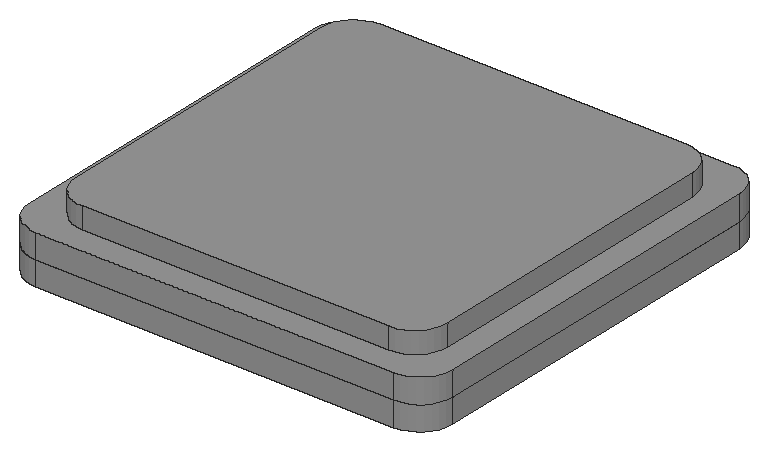
Revit family "FMS2_63_UN_Surface-mounted_ETK", category Lighting Fixtures, Revit 2019 (continued)
Definition of nested family "FMS.2 - Lightsource"
  Types (14, lengths in mm): name | Wattage Comments | Wattage | built-in parameter 1150134 | Photometric Web File | built-in parameter 1150142 | built-in parameter 1150105 | Lumens | built-in parameter 1150107 | built-in parameter 1150106 | Apparent Load
      .0936\t980.235\t979.6626\r\n978.804\t977.9454\t977.0868\t975.6558\t974.511\t973.3662\t972.5076\t971.3628\t969.9318\t968.787\r\n967.6422\t965.925\t964.2078\t962.7768\t961.632\t960.4872\t959.0562\t957.339\t955.6218\t952.7598\r\n949.6116\t946.7496\t943.6014\t940.4532\t937.5912\t934.1568\t931.0086\t927.8604\t924.1398\t920.7054\r\n917.271\t913.8366\t910.6884\t907.254\t903.5334\t899.8128\t896.0922\t892.6578\t889.2234\t885.5028\r\n881.7822\t878.0616\t874.341\t870.6204\t866.6136\t862.3206\t857.169\t852.3036\t847.152\t842.0004\r\n836.5626\t831.411\t826.2594\t821.394\t816.2424\t811.0908\t805.9392\t800.7876\t795.3498\t789.6258\r\n784.188\t779.0364\t773.8848\t768.7332\t763.5816\t758.43\t753.2784\t747.8406\t742.1166\t735.8202\r\n728.9514\t722.3688\t716.0724\t709.4898\t703.1934\t696.897\t690.6006\t684.018\t677.1492\t670.5666\r\n663.984\t657.4014\t650.8188\t644.2362\t637.9398\t631.3572\t625.0608\t618.7644\t612.1818\t605.313\r\n598.4442\t591.003\t583.5618\t576.1206\t568.6794\t561.5244\t554.0832\t546.642\t539.2008\t532.0458\r\n524.6046\t517.4496\t510.2946\t502.8534\t495.6984\t488.2572\t481.1022\t473.9472\t466.7922\t459.0648\r\n451.0512\t443.0376\t435.3102\t427.2966\t419.5692\t411.5556\t403.8282\t395.8146\t388.0872\t380.3598\r\n372.3462\t364.6188\t356.8914\t349.164\t341.4366\t333.7092\t325.9818\t318.2544\t310.527\t302.5134\r\n294.786\t287.0586\t279.3884\t271.6897\t264.0195\t256.378\t248.765\t241.1807\t233.6251\t226.0694\r\n218.5709\t211.0725\t204.0034\t197.0201\t190.0368\t183.0821\t176.1561\t169.2587\t162.3613\t155.4638\r\n148.5664\t141.7262\t134.8574\t128.0459\t121.2343\t114.4514\t105.8368\t90.5251\t75.242\t59.9303\r\n44.6472\t29.3641\t14.0667\t0\t0\t0\t0\t0\t0\t0\r\n0\r\n985.6728\t985.1004\t984.528\t983.9556\t983.097\t982.2384\t981.666\t980.8074\t980.235\t979.3764\r\n978.5178\t977.9454\t977.0868\t975.942\t974.7972\t973.6524\t972.5076\t971.3628\t970.218\t969.0732\r\n967.9284\t966.7836\t965.6388\t963.9216\t962.4906\t960.7734\t959.6286\t957.0528\t954.477\t951.615\r\n948.753\t945.6048\t942.7428\t939.5946\t936.7326\t933.5844\t930.4362\t927.288\t924.1398\t920.9916\r\n917.8434\t914.6952\t911.2608\t907.8264\t904.392\t900.9576\t897.8094\t894.375\t890.6544\t886.9338\r\n883.2132\t879.2064\t874.9134\t870.3342\t865.755\t860.8896\t856.0242\t851.1588\t846.2934\t841.428\r\n836.2764\t831.411\t826.5456\t821.394\t816.2424\t811.377\t806.2254\t801.36\t796.2084\t791.343\r\n786.4776\t781.6122\t776.7468\t771.5952\t766.4436\t759.861\t753.5646\t747.2682\t740.9718\t734.6754\r\n728.379\t722.3688\t716.0724\t709.776\t703.4796\t697.1832\t690.8868\t684.3042\t677.7216\t671.4252\r\n665.1288\t658.8324\t652.536\t646.2396\t639.9432\t633.6468\t626.4918\t619.3368\t612.1818\t605.0268\r\n597.8718\t590.4306\t583.2756\t576.1206\t568.9656\t562.0968\t554.9418\t547.7868\t540.6318\t533.4768\r\n526.3218\t519.1668\t512.0118\t504.8568\t497.988\t490.5468\t482.5332\t474.8058\t467.0784\t459.351\r\n451.6236\t443.8962\t436.1688\t428.1552\t420.4278\t412.7004\t404.973\t397.2456\t389.5182\t381.7908\r\n374.0634\t366.6222\t358.8948\t351.1674\t343.1538\t335.4264\t327.699\t319.9716\t312.2442\t304.2306\r\n296.5032\t288.7758\t281.077\t273.4069\t265.7367\t258.0952\t250.4822\t242.8979\t235.285\t227.7866\r\n220.603\t213.448\t206.3216\t199.1952\t192.0974\t184.9997\t177.9305\t170.89\t163.8209\t156.7804\r\n149.7398\t142.7279\t135.716\t128.7328\t121.7495\t111.5894\t96.3635\t81.1377\t65.9119\t50.686\r\n35.4602\t20.2544\t5.0428\t0\t0\t0\t0\t0\t0\t0\r\n0\r\n985.6728\t985.1004\t984.2418\t983.6694\t983.097\t982.2384\t981.3798\t980.8074\t979.9488\t979.3764\r\n978.5178\t977.6592\t976.8006\t975.942\t975.0834\t974.2248\t973.08\t971.9352\t970.7904\t969.6456\r\n968.5008\t967.356\t966.2112\t965.0664\t963.9216\t961.632\t958.77\t955.908\t953.046\t950.184\r\n947.6082\t945.0324\t942.1704\t939.3084\t936.4464\t933.2982\t930.4362\t927.288\t924.426\t921.2778\r\n918.1296\t914.9814\t911.8332\t908.685\t905.5368\t902.3886\t899.2404\t896.0922\t892.6578\t888.0786\r\n883.4994\t878.9202\t874.341\t869.4756\t864.8964\t860.031\t855.1656\t850.3002\t845.721\t841.1418\r\n836.2764\t831.6972\t826.8318\t822.2526\t817.3872\t812.808\t807.9426\t803.0772\t798.2118\t793.3464\r\n788.481\t782.757\t776.4606\t770.4504\t764.4402\t758.43\t752.4198\t746.4096\t740.3994\t734.3892\r\n728.379\t722.3688\t716.3586\t710.0622\t703.7658\t697.7556\t691.4592\t685.449\t679.1526\t673.1424\r\n667.1322\t661.122\t654.2532\t647.3844\t640.5156\t633.6468\t626.4918\t619.3368\t612.468\t605.313\r\n598.4442\t591.2892\t584.1342\t577.2654\t570.1104\t563.2416\t556.0866\t549.2178\t542.349\t535.194\r\n528.3252\t521.4564\t513.729\t505.7154\t497.988\t490.2606\t482.8194\t475.092\t467.3646\t459.9234\r\n452.196\t444.7548\t437.0274\t429.5862\t421.8588\t414.1314\t406.6902\t398.9628\t391.5216\t384.0804\r\n376.0668\t368.3394\t360.3258\t352.5984\t344.5848\t336.8574\t328.8438\t321.1164\t313.389\t305.6616\r\n297.9342\t290.2068\t282.508\t274.8092\t267.1105\t259.4117\t251.7415\t244.1572\t236.8877\t229.6183\r\n222.3774\t215.1365\t207.9243\t200.7121\t193.4998\t186.3162\t179.1326\t171.9776\t164.8226\t157.6962\r\n150.5698\t143.4434\t136.3171\t129.2193\t118.5727\t103.3468\t88.1496\t72.9524\t57.7552\t42.5579\r\n27.375\t12.1807\t0\t0\t0\t0\t0\t0\t0\t0\r\n0\r\n985.6728\t985.1004\t984.2418\t983.6694\t983.097\t982.2384\t981.3798\t980.8074\t979.9488\t979.0902\r\n978.5178\t977.6592\t976.8006\t975.942\t975.0834\t974.2248\t973.3662\t972.5076\t971.3628\t970.5042\r\n969.3594\t968.2146\t967.0698\t965.925\t963.063\t960.4872\t957.9114\t955.3356\t952.7598\t949.8978\r\n947.0358\t944.46\t941.598\t938.736\t936.1602\t933.2982\t930.4362\t927.5742\t924.7122\t921.8502\r\n918.9882\t916.1262\t912.978\t910.116\t906.9678\t903.8196\t900.099\t895.806\t891.2268\t886.6476\r\n882.3546\t878.0616\t873.4824\t869.1894\t864.8964\t860.031\t855.4518\t850.8726\t846.2934\t841.7142\r\n837.135\t832.5558\t827.9766\t823.3974\t818.8182\t814.239\t809.6598\t805.0806\t799.3566\t793.3464\r\n787.3362\t781.6122\t775.602\t769.878\t763.8678\t758.1438\t752.4198\t746.4096\t740.3994\t734.6754\r\n728.6652\t722.9412\t716.931\t710.9208\t705.1968\t699.1866\t693.1764\t687.4524\t681.4422\t674.5734\r\n667.7046\t660.8358\t653.967\t647.0982\t640.2294\t633.3606\t626.4918\t619.623\t612.7542\t605.8854\r\n598.7304\t591.8616\t584.9928\t578.124\t571.2552\t564.3864\t557.5176\t550.6488\t543.78\t536.3388\r\n528.8976\t521.1702\t513.729\t506.0016\t498.5604\t491.1192\t483.3918\t475.9506\t468.2232\t460.782\r\n453.3408\t445.6134\t438.1722\t430.4448\t423.0036\t415.5624\t407.835\t400.3938\t392.3802\t384.6528\r\n376.9254\t368.9118\t361.1844\t353.457\t345.7296\t338.0022\t330.2748\t322.5474\t314.82\t307.0926\r\n299.3652\t291.3516\t283.7387\t275.9827\t268.2266\t260.4992\t253.1153\t245.7599\t238.4046\t231.0779\r\n223.7512\t216.4531\t209.155\t201.8855\t194.6446\t187.3751\t180.1343\t172.8648\t165.6239\t158.3831\r\n151.1422\t143.93\t136.6891\t126.5576\t111.3604\t96.1632\t80.966\t65.7974\t50.6002\t35.4316\r\n20.2487\t5.0715\t0\t0\t0\t0\t0\t0\t0\t0\r\n0\r\n985.6728\t985.1004\t984.2418\t983.6694\t982.8108\t982.2384\t981.3798\t980.8074\t979.9488\t979.0902\r\n978.2316\t977.6592\t976.8006\t975.942\t975.0834\t974.511\t973.6524\t972.7938\t971.9352\t971.0766\r\n969.9318\t969.0732\t968.2146\t965.6388\t963.063\t960.201\t957.6252\t955.0494\t952.1874\t949.6116\r\n947.0358\t944.46\t941.598\t939.0222\t936.1602\t933.5844\t930.7224\t928.1466\t925.2846\t922.7088\r\n919.8468\t916.9848\t913.8366\t910.9746\t907.8264\t903.5334\t899.2404\t894.9474\t890.9406\t886.6476\r\n882.0684\t877.7754\t873.1962\t868.9032\t864.324\t860.031\t855.4518\t851.1588\t846.5796\t842.2866\r\n837.9936\t833.7006\t829.4076\t825.1146\t820.8216\t816.2424\t810.2322\t804.5082\t798.498\t792.774\r\n786.7638\t781.326\t775.602\t769.878\t764.154\t758.7162\t752.9922\t747.2682\t741.258\t735.534\r\n729.81\t723.7998\t718.0758\t712.3518\t706.3416\t700.6176\t694.3212\t687.4524\t680.8698\t674.001\r\n667.1322\t660.2634\t653.6808\t646.812\t640.2294\t633.3606\t626.778\t620.1954\t613.3266\t606.744\r\n599.8752\t593.2926\t586.71\t579.8412\t573.2586\t566.3898\t559.2348\t551.7936\t544.3524\t536.9112\r\n529.1838\t521.7426\t514.3014\t506.574\t499.1328\t491.6916\t484.2504\t476.523\t469.0818\t461.6406\r\n454.1994\t446.472\t439.0308\t431.5896\t424.1484\t416.7072\t408.6936\t400.9662\t393.2388\t385.2252\r\n377.4978\t369.7704\t362.043\t354.3156\t346.302\t338.5746\t330.8472\t323.1198\t315.3924\t307.665\r\n299.9376\t292.2102\t284.6259\t276.9271\t269.4001\t262.0161\t254.6608\t247.2768\t239.9215\t232.5375\r\n225.1535\t217.7982\t210.4429\t203.0875\t195.7322\t188.3768\t181.0501\t173.6948\t166.3681\t159.0413\r\n151.7146\t144.3879\t135.8019\t120.6047\t105.3788\t90.1816\t74.9844\t59.7872\t44.59\t29.3641\r\n14.1783\t0\t0\t0\t0\t0\t0\t0\t0\t0\r\n0\r\n985.6728\t985.1004\t984.2418\t983.6694\t982.8108\t982.2384\t981.3798\t980.8074\t979.9488\t979.0902\r\n978.5178\t977.6592\t976.8006\t976.2282\t975.3696\t974.511\t973.6524\t972.7938\t972.2214\t971.3628\r\n970.5042\t969.6456\t967.6422\t965.0664\t962.4906\t959.9148\t957.339\t954.7632\t952.1874\t949.6116\r\n947.0358\t944.46\t941.8842\t939.3084\t936.7326\t934.1568\t931.2948\t928.719\t925.857\t923.2812\r\n920.4192\t917.5572\t914.9814\t911.2608\t907.254\t902.961\t898.9542\t894.9474\t890.6544\t886.3614\r\n882.0684\t877.4892\t873.1962\t868.9032\t864.6102\t860.3172\t856.0242\t851.7312\t847.4382\t843.1452\r\n838.8522\t834.5592\t830.2662\t825.9732\t820.5354\t814.8114\t809.3736\t803.6496\t797.9256\t792.4878\r\n786.7638\t781.326\t775.602\t769.878\t764.4402\t758.7162\t753.2784\t747.5544\t741.8304\t736.3926\r\n730.6686\t724.9446\t719.2206\t713.4966\t707.4864\t700.6176\t694.035\t687.1662\t680.5836\t673.7148\r\n667.1322\t660.5496\t653.967\t647.3844\t640.8018\t634.2192\t627.6366\t621.054\t614.4714\t607.8888\r\n601.3062\t594.4374\t587.8548\t580.986\t574.1172\t566.676\t558.9486\t551.5074\t544.0662\t536.625\r\n529.47\t522.0288\t514.5876\t507.1464\t499.7052\t492.264\t484.8228\t477.3816\t469.9404\t462.4992\r\n455.058\t447.6168\t440.4618\t433.0206\t425.2932\t417.5658\t409.5522\t401.8248\t394.0974\t386.37\r\n378.6426\t370.9152\t362.9016\t355.1742\t347.4468\t339.7194\t331.992\t324.2646\t316.5372\t308.8098\r\n301.0824\t293.355\t285.5704\t278.0719\t270.6307\t263.1895\t255.7483\t248.3071\t240.8659\t233.4533\r\n226.0408\t218.6282\t211.2156\t203.803\t196.4191\t189.0065\t181.6225\t174.2386\t166.8546\t159.4993\r\n152.1153\t144.76\t130.9651\t115.7393\t100.5134\t85.2876\t70.0618\t54.8359\t39.6101\t24.3699\r\n9.1412\t0\t0\t0\t0\t0\t0\t0\t0\t0\r\n0\r\n985.6728\t985.1004\t984.2418\t983.6694\t982.8108\t982.2384\t981.3798\t980.8074\t979.9488\t979.3764\r\n978.5178\t977.6592\t977.0868\t976.2282\t975.3696\t974.7972\t973.9386\t973.3662\t972.5076\t971.649\r\n970.7904\t969.6456\t967.0698\t964.494\t961.9182\t959.3424\t957.0528\t954.477\t951.9012\t949.3254\r\n947.0358\t944.46\t941.8842\t939.3084\t936.7326\t934.1568\t931.581\t929.0052\t926.4294\t924.1398\r\n921.564\t918.9882\t915.2676\t910.9746\t906.9678\t902.961\t898.668\t894.6612\t890.3682\t886.0752\r\n881.7822\t877.7754\t873.4824\t869.1894\t864.8964\t860.8896\t856.5966\t852.5898\t848.2968\t844.29\r\n839.997\t835.9902\t831.411\t825.687\t820.2492\t814.8114\t809.0874\t803.6496\t797.9256\t792.4878\r\n786.7638\t781.326\t775.602\t770.1642\t764.7264\t759.0024\t753.5646\t747.8406\t742.4028\t736.6788\r\n731.241\t725.517\t720.0792\t713.2104\t706.6278\t700.3314\t693.7488\t687.1662\t680.5836\t674.001\r\n667.4184\t661.122\t654.5394\t647.9568\t641.3742\t634.7916\t628.209\t621.6264\t615.0438\t608.4612\r\n601.8786\t595.296\t588.7134\t581.2722\t573.831\t566.3898\t558.9486\t551.7936\t544.3524\t536.9112\r\n529.7562\t522.315\t514.8738\t507.7188\t500.2776\t493.1226\t485.6814\t478.2402\t471.0852\t463.644\r\n456.2028\t449.0478\t441.6066\t433.593\t425.8656\t418.1382\t410.4108\t402.6834\t394.6698\t386.9424\r\n379.215\t371.4876\t363.7602\t356.0328\t348.0192\t340.2918\t332.5644\t324.837\t317.1096\t309.3822\r\n301.6548\t293.9274\t286.2\t278.8447\t271.3748\t263.9336\t256.4924\t249.0512\t241.61\t234.1688\r\n226.7276\t219.2864\t211.8452\t204.404\t196.9915\t189.5503\t182.1091\t174.6679\t167.2267\t159.7855\r\n152.3729\t142.3273\t127.1014\t111.847\t96.5925\t81.3667\t66.1122\t50.8864\t35.6319\t20.4061\r\n5.1688\t0\t0\t0\t0\t0\t0\t0\t0\t0\r\n0\r\n985.6728\t985.1004\t984.2418\t983.3832\t982.8108\t981.9522\t981.3798\t980.5212\t979.9488\t979.3764\r\n978.5178\t977.9454\t977.0868\t976.5144\t975.6558\t975.0834\t974.2248\t973.6524\t972.7938\t971.9352\r\n971.3628\t969.3594\t966.7836\t964.494\t961.9182\t959.3424\t956.7666\t954.1908\t951.615\t949.3254\r\n946.7496\t944.1738\t941.598\t939.0222\t936.7326\t934.1568\t931.581\t929.0052\t926.4294\t924.1398\r\n921.564\t918.4158\t914.409\t910.116\t906.1092\t902.1024\t897.8094\t893.8026\t889.7958\t885.5028\r\n881.496\t877.203\t873.1962\t869.1894\t864.8964\t860.8896\t856.5966\t852.5898\t848.2968\t844.29\r\n839.997\t835.704\t830.2662\t824.8284\t819.3906\t813.9528\t808.515\t803.0772\t797.6394\t792.2016\r\n786.4776\t781.0398\t775.602\t770.1642\t764.7264\t759.0024\t753.5646\t748.1268\t742.689\t736.965\r\n731.5272\t725.8032\t719.5068\t712.9242\t706.3416\t699.759\t693.4626\t686.88\t680.2974\t673.7148\r\n667.1322\t660.5496\t654.2532\t647.6706\t641.088\t634.5054\t627.9228\t621.6264\t615.0438\t608.4612\r\n601.8786\t595.296\t587.8548\t580.6998\t573.2586\t566.1036\t558.6624\t551.5074\t544.0662\t536.9112\r\n529.47\t522.315\t514.8738\t507.7188\t500.2776\t493.1226\t485.6814\t478.5264\t471.0852\t463.9302\r\n456.489\t449.0478\t441.3204\t433.593\t425.8656\t418.1382\t410.1246\t402.3972\t394.6698\t386.9424\r\n379.215\t371.4876\t363.7602\t356.0328\t348.3054\t340.578\t332.8506\t325.1232\t317.3958\t309.6684\r\n301.941\t294.2136\t286.7724\t279.274\t271.8041\t264.3343\t256.8645\t249.4233\t241.9535\t234.4837\r\n227.0425\t219.5726\t212.1028\t204.6616\t197.1918\t189.7506\t182.2808\t174.8396\t167.3698\t159.9286\r\n152.4587\t139.5511\t124.2967\t109.0422\t93.7877\t78.5619\t63.3074\t48.053\t32.7985\t17.5555\r\n2.3053\t0\t0\t0\t0\t0\t0\t0\t0\t0\r\n0\r\n985.6728\t985.1004\t984.2418\t983.3832\t982.8108\t981.9522\t981.3798\t980.5212\t979.9488\t979.0902\r\n978.5178\t977.6592\t977.0868\t976.2282\t975.6558\t975.0834\t974.2248\t973.6524\t972.7938\t972.2214\r\n971.649\t969.3594\t966.7836\t964.2078\t961.9182\t959.3424\t956.7666\t954.1908\t951.9012\t949.3254\r\n946.7496\t944.1738\t941.8842\t939.3084\t936.7326\t934.1568\t931.8672\t929.2914\t926.7156\t924.426\r\n921.8502\t917.8434\t913.8366\t909.8298\t905.823\t901.53\t897.5232\t893.5164\t889.2234\t885.2166\r\n881.2098\t877.203\t872.91\t868.9032\t864.8964\t860.8896\t856.5966\t852.5898\t848.583\t844.5762\r\n840.2832\t835.1316\t829.6938\t824.256\t819.1044\t813.6666\t808.2288\t802.791\t797.3532\t791.9154\r\n786.4776\t781.0398\t775.602\t770.1642\t764.7264\t759.2886\t753.8508\t748.413\t742.9752\t737.5374\r\n732.0996\t725.8032\t719.2206\t712.9242\t706.3416\t699.759\t693.4626\t686.88\t680.2974\t674.001\r\n667.4184\t661.122\t654.5394\t647.9568\t641.6604\t635.0778\t628.4952\t622.1988\t615.6162\t609.0336\r\n602.7372\t595.5822\t588.141\t580.986\t573.5448\t566.3898\t559.2348\t551.7936\t544.6386\t537.1974\r\n530.0424\t522.6012\t515.4462\t508.005\t500.85\t493.4088\t486.2538\t478.8126\t471.6576\t464.2164\r\n457.0614\t449.334\t441.6066\t433.8792\t426.1518\t418.4244\t410.697\t402.9696\t394.956\t387.2286\r\n379.5012\t371.7738\t364.0464\t356.319\t348.5916\t340.8642\t333.1368\t325.4094\t317.682\t309.6684\r\n301.941\t294.4998\t287.0586\t279.5888\t272.119\t264.6205\t257.1507\t249.6809\t242.2111\t234.7412\r\n227.2428\t219.773\t212.3032\t204.8333\t197.3635\t189.8651\t182.3953\t174.9254\t167.4556\t159.9858\r\n152.4874\t137.8339\t122.5795\t107.325\t92.0705\t76.8161\t61.5902\t46.3358\t31.0813\t15.8269\r\n0.5776\t0\t0\t0\t0\t0\t0\t0\t0\t0\r\n0\r\n985.6728\t985.1004\t984.2418\t983.6694\t982.8108\t981.9522\t981.3798\t980.5212\t979.9488\t979.0902\r\n978.5178\t977.6592\t976.8006\t976.2282\t975.3696\t974.7972\t973.9386\t973.3662\t972.5076\t971.9352\r\n971.0766\t968.5008\t966.2112\t963.6354\t961.3458\t958.77\t956.4804\t953.9046\t951.615\t949.0392\r\n946.7496\t944.1738\t941.8842\t939.3084\t937.0188\t934.443\t932.1534\t929.5776\t927.288\t924.7122\r\n922.4226\t918.1296\t914.1228\t910.116\t905.823\t901.8162\t897.8094\t893.5164\t889.5096\t885.2166\r\n881.2098\t877.203\t872.91\t868.9032\t864.8964\t860.6034\t856.5966\t852.5898\t848.2968\t844.29\r\n839.997\t834.8454\t829.4076\t823.9698\t818.532\t813.0942\t807.9426\t802.5048\t797.067\t791.6292\r\n786.1914\t780.7536\t775.602\t770.1642\t764.7264\t759.2886\t753.8508\t748.6992\t743.2614\t737.8236\r\n732.3858\t726.0894\t719.5068\t712.9242\t706.6278\t700.0452\t693.4626\t687.1662\t680.5836\t674.001\r\n667.7046\t661.122\t654.5394\t648.243\t641.6604\t635.0778\t628.7814\t622.1988\t615.6162\t609.3198\r\n602.7372\t595.5822\t588.141\t580.986\t573.5448\t566.3898\t558.9486\t551.7936\t544.3524\t537.1974\r\n529.7562\t522.6012\t515.16\t508.005\t500.5638\t493.4088\t485.9676\t478.8126\t471.3714\t464.2164\r\n456.7752\t449.0478\t441.3204\t433.593\t425.8656\t418.1382\t410.4108\t402.6834\t394.956\t387.2286\r\n379.215\t371.4876\t363.7602\t356.0328\t348.3054\t340.578\t332.8506\t325.1232\t317.3958\t309.6684\r\n301.941\t294.4998\t287.0586\t279.4743\t272.0045\t264.5347\t257.0648\t249.595\t242.1252\t234.6554\r\n227.1856\t219.7157\t212.2459\t204.7761\t197.3063\t189.8365\t182.3666\t174.8968\t167.427\t159.9572\r\n152.4874\t137.2329\t121.9784\t106.7526\t91.4981\t76.2437\t60.9892\t45.7348\t30.5089\t15.2487\r\n0\t0\t0\t0\t0\t0\t0\t0\t0\t0\r\n0\r\n985.6728\t985.1004\t984.2418\t983.3832\t982.8108\t981.9522\t981.0936\t980.5212\t979.6626\t979.0902\r\n978.2316\t977.6592\t976.8006\t976.2282\t975.3696\t974.7972\t973.9386\t973.3662\t972.5076\t971.9352\r\n971.3628\t968.787\t966.4974\t963.9216\t961.3458\t959.0562\t956.4804\t953.9046\t951.3288\t949.0392\r\n946.4634\t943.8876\t941.598\t939.0222\t936.7326\t934.1568\t931.581\t929.2914\t926.7156\t924.426\r\n922.1364\t918.1296\t914.1228\t910.116\t905.823\t901.8162\t897.8094\t893.5164\t889.5096\t885.2166\r\n881.2098\t877.203\t872.91\t868.9032\t864.6102\t860.6034\t856.3104\t852.3036\t848.0106\t844.0038\r\n839.7108\t834.5592\t829.1214\t823.6836\t818.2458\t812.808\t807.6564\t802.2186\t796.7808\t791.343\r\n785.9052\t780.4674\t775
